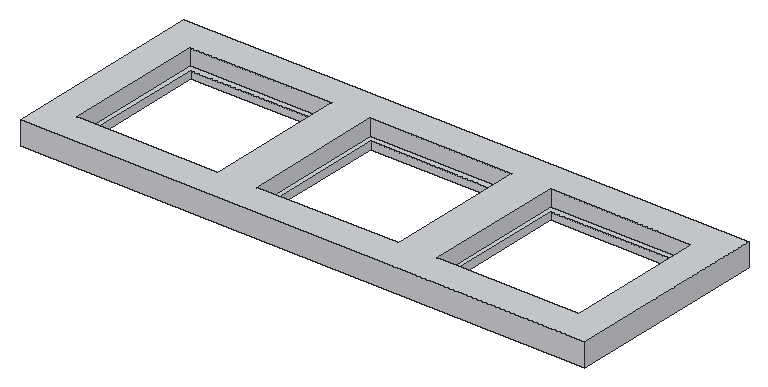
Revit family "Gira_021322", category Electrical Fixtures, host Face, Revit 2017
Family settings
  Host = Face
  Maintain Annotation Orientation = No
  Round Connector Dimension = Use Diameter
  Part Type = Normal
  Cut with Voids When Loaded = No
  Shared = No
  Room Calculation Point = No
Parameters (values of type "Cov.fr. 3-g Gira E2 p.white m")
  With mounting grid = "No"
  With hinged lid = "No"
  URL = "http://katalog.gira.de/en/datenblatt.html?artikelnr=021322"
  Type of fastening = "Clamp mounting"
  Transparent = "No"
  Surface protection = "Other"
  Surface finishing = "Matt"
  Suitable for wall duct = "No"
  Suitable for flush-mounted installation = "Yes"
  Suitable for floor box = "No"
  Suitable for built-in installation = "No"
  Number of units vertical = "3"
  Number of units horizontal = "3"
  Number of units = "3"
  Name = "Cov.fr. 3-g Gira E2 p.white m"
  Mounting direction = "Horizontal and vertical"
  Material quality = "Thermoplastic"
  Material = "Plastic"
  Manufacturer URL = "https://www.gira.de/"
  Manufacturer = "Gira"
  Label space/information surface = "No"
  Keynote = ""
  HeinzeBIM = "https://bimportal.heinze.de/bim/cov-fr-3-g-gira-e2-p-white-m/e60af39ac596fbcc8434d69faee47e4ee368f3a0"
  Halogen free = "Yes"
  HAN = "021322"
  GTIN = "4010337213222"
  Description = "Cov.fr.3g E2 PWm,Gira E2 cover frame,pure white matt,3-gang,Features:,- Shatter-proof.,,Notes :,- Also suitable for duct installation.,- In connection with the seal kit, frame (1-gang to 5-gang) is also suitable for installation as water-protected flush-mounted IP44."
  Degree of protection (IP) = "IP20"
  Default Elevation = 1219.2 mm
  Data sheet (1) = "https://katalog.gira.de/en/download.html?artikelnr=021322"
  Colour = "White"
  Category = "Cover frame for domestic switching devices"
  BIM (1) = "https://media.stage.bim.site/public/gira/36a6b08/E2_Rahmen_3fach.rfa"
  Available = "No"
Reference planes
  plane 1 "Center (Front/Back)": y = 0
  plane 2: z = 0
  plane 3 "Center (Left/Right)": x = 0
Forms (mm)
  Extrusion 1, solid, detail levels fine
    sketch origin (0, 0, 0) x (1, 0, 0) y (0, 1, 0)
      loop
        line (111.7, 40.4) -> (-111.7, 40.4) -> (-111.7, -40.4) -> (111.7, -40.4) -> (111.7, 40.4)
      loop
        line (43.248, 28.052) -> (43.248, -28.052) -> (99.352, -28.052) -> (99.352, 28.052) -> (43.248, 28.052)
      loop
        line (-28.052, 28.052) -> (-28.052, -28.052) -> (28.052, -28.052) -> (28.052, 28.052) -> (-28.052, 28.052)
      loop
        line (-99.352, 28.052) -> (-99.352, -28.052) -> (-43.248, -28.052) -> (-43.248, 28.052) -> (-99.352, 28.052)
    from 0 to 9.3
  Extrusion 2, solid, detail levels fine
    sketch origin (-71.2, 0, 0) x (1, 0, 0) y (0, 1, 0)
      loop
        line (-28.152, -28.152) -> (28.152, -28.152) -> (28.152, 28.152) -> (-28.152, 28.152) -> (-28.152, -28.152)
      loop
        line (25.9, -25.7) -> (25.9, 25.7) -> (-25.9, 25.7) -> (-25.9, -25.7) -> (25.9, -25.7)
    from 0 to 3
  Extrusion 3, solid, detail levels coarse+medium
    sketch origin (0, 0, 0) x (1, 0, 0) y (0, 1, 0)
      loop
        line (111.7, 40.4) -> (-111.7, 40.4) -> (-111.7, -40.4) -> (111.7, -40.4) -> (111.7, 40.4)
    from 0 to 9.3
  Extrusion 4, solid, detail levels fine
    sketch origin (0.1, -0.047, 0) x (1, 0, 0) y (0, 1, 0)
      loop
        line (-28.152, -28.106) -> (28.152, -28.106) -> (28.152, 28.199) -> (-28.152, 28.199) -> (-28.152, -28.106)
      loop
        line (25.9, -25.653) -> (25.9, 25.747) -> (-25.9, 25.747) -> (-25.9, -25.653) -> (25.9, -25.653)
    from 0 to 3
  Extrusion 5, solid, detail levels fine
    sketch origin (71.2, -0.047, 0) x (1, 0, 0) y (0, 1, 0)
      loop
        line (-27.952, -28.006) -> (28.152, -28.006) -> (28.152, 28.099) -> (-27.952, 28.099) -> (-27.952, -28.006)
      loop
        line (26, -25.653) -> (26, 25.747) -> (-25.9, 25.747) -> (-25.9, -25.653) -> (26, -25.653)
    from 0 to 3
Dimensions and locks
  aligned and locked: plane 2 to host face
  aligned and locked: level to host face
